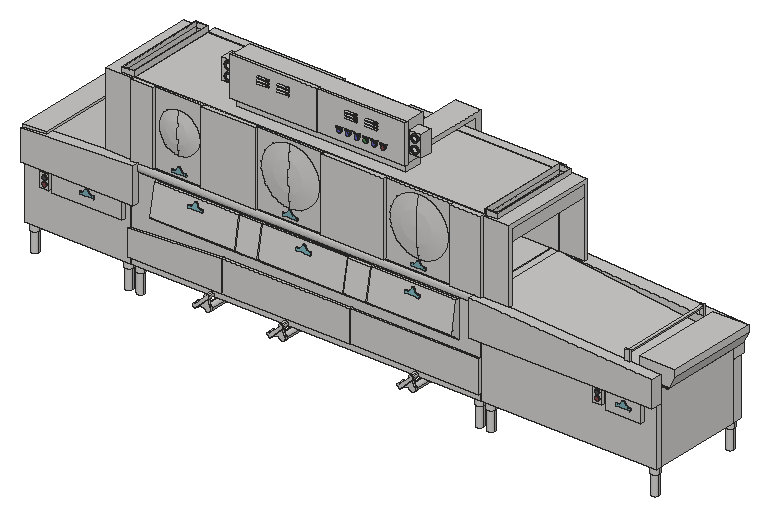
Revit family (continued)
Dimensions and locks (in)
  aligned and locked: Extrusion 3 sketch curve to plane 22 "Front of Main Body"
  aligned and locked: Extrusion 3 sketch curve to plane 26
  aligned and locked: plane 32 "Front of Inside" to Extrusion 3 sketch curve
  aligned and locked: Extrusion 3 to plane 13 "Middle of Machine"
  aligned and locked: plane 32 "Front of Inside" to Extrusion 4 sketch curve
  aligned and locked: Extrusion 4 sketch curve to plane 28
  aligned and locked: plane 27 to Extrusion 4 sketch curve
  aligned and locked: Extrusion 4 sketch curve to plane 22 "Front of Main Body"
  aligned and locked: Extrusion 4 to plane 13 "Middle of Machine"
  aligned and locked: plane 32 "Front of Inside" to Extrusion 5 sketch curve
  aligned and locked: Extrusion 5 sketch curve to plane 22 "Front of Main Body"
  aligned and locked: Extrusion 5 sketch curve to plane 30
  aligned and locked: plane 29 to Extrusion 5 sketch curve
  aligned and locked: Extrusion 6 sketch curve to plane 4 "RIGHT"
  aligned and locked: plane 31 to Extrusion 6 sketch curve
  aligned and locked: plane 32 "Front of Inside" to Extrusion 6 sketch curve
  aligned and locked: Extrusion 6 sketch curve to plane 22 "Front of Main Body"
  aligned and locked: Extrusion 5 to plane 13 "Middle of Machine"
  aligned and locked: Extrusion 6 to plane 13 "Middle of Machine"
  aligned and locked: plane 3 "LEFT" to Extrusion 7 sketch curve
  aligned and locked: Extrusion 7 sketch curve to plane 34
  aligned and locked: plane 21 "Back of Main Body" to Extrusion 7 sketch curve
  aligned and locked: Extrusion 7 sketch curve to plane 33 "Back of Inside"
  aligned and locked: Extrusion 8 sketch curve to plane 4 "RIGHT"
  aligned and locked: plane 21 "Back of Main Body" to Extrusion 8 sketch curve
  aligned and locked: Extrusion 8 sketch curve to plane 33 "Back of Inside"
  aligned and locked: plane 35 to Extrusion 8 sketch curve
  aligned and locked: Extrusion 7 to plane 13 "Middle of Machine"
  aligned and locked: Extrusion 8 to plane 13 "Middle of Machine"
  aligned and locked: plane 32 "Front of Inside" to Extrusion 9 sketch curve
  aligned and locked: Extrusion 9 sketch curve to plane 27
  aligned and locked: plane 26 to Extrusion 9 sketch curve
  aligned and locked: plane 32 "Front of Inside" to Extrusion 10 sketch curve
  aligned and locked: plane 28 to Extrusion 10 sketch curve
  aligned and locked: Extrusion 10 sketch curve to plane 29
  aligned and locked: plane 32 "Front of Inside" to Extrusion 11 sketch curve
  aligned and locked: plane 30 to Extrusion 11 sketch curve
  aligned and locked: Extrusion 11 sketch curve to plane 31
  aligned and locked: Extrusion 9 to plane 13 "Middle of Machine"
  aligned and locked: Extrusion 10 to plane 13 "Middle of Machine"
  aligned and locked: Extrusion 11 to plane 13 "Middle of Machine"
  aligned and locked: plane 34 to Extrusion 12 sketch curve
  aligned and locked: Extrusion 12 sketch curve to plane 35
  aligned and locked: Extrusion 12 sketch curve to plane 33 "Back of Inside"
  aligned and locked: Extrusion 12 to plane 13 "Middle of Machine"
  aligned and locked: plane 37 to Extrusion 19
  aligned and locked: Extrusion 19 to plane 36
  aligned and locked: Extrusion 20 to plane 42
  aligned and locked: plane 43 to Extrusion 20
  aligned and locked: Extrusion 21 to plane 38
  aligned and locked: plane 39 to Extrusion 21
  aligned and locked: Extrusion 22 to plane 44
  aligned and locked: plane 45 to Extrusion 22
  aligned and locked: Extrusion 23 to plane 40
  aligned and locked: plane 41 to Extrusion 23
  aligned and locked: plane 3 "LEFT" to Extrusion 24 sketch curve
  aligned and locked: plane 20 to Extrusion 24 sketch curve
  aligned and locked: Extrusion 24 sketch curve to plane 46
  aligned and locked: Extrusion 25 sketch curve to plane 48
  aligned and locked: Extrusion 25 sketch curve to plane 19
  aligned and locked: plane 47 to Extrusion 25 sketch curve
  aligned and locked: plane 20 to Extrusion 25 sketch curve
  aligned and locked: Extrusion 26 sketch curve to plane 4 "RIGHT"
  aligned and locked: Extrusion 26 sketch curve to plane 19
  aligned and locked: plane 20 to Extrusion 26 sketch curve
  aligned and locked: plane 49 to Extrusion 26 sketch curve
  aligned and locked: plane 33 "Back of Inside" to Extrusion 27 sketch curve
  aligned and locked: plane 3 "LEFT" to Extrusion 27 sketch curve
  aligned and locked: Extrusion 27 sketch curve to plane 32 "Front of Inside"
  aligned and locked: Extrusion 27 sketch curve to plane 4 "RIGHT"
  aligned and locked: Extrusion 27 to plane 50
  aligned and locked: plane 13 "Middle of Machine" to Extrusion 28 sketch curve  (x2)
  aligned and locked: Extrusion 28 sketch curve to plane 10 "Top of Machine"
  aligned and locked: Extrusion 28 to plane 8 "Load Vent"
  aligned and locked: plane 53 to Extrusion 29 sketch curve
  aligned and locked: Extrusion 29 sketch curve to plane 52
  aligned and locked: plane 51 to Extrusion 29
  aligned and locked: Extrusion 30 sketch curve to Extrusion 28
  aligned and locked: Extrusion 30 sketch curve to plane 50
  aligned and locked: Extrusion 31 sketch curve to Extrusion 29
  aligned and locked: Extrusion 29 to Extrusion 31 sketch curve
  aligned and locked: Extrusion 32 to Extrusion 34 sketch curve
  aligned and locked: plane 9 "Unload Vent" to Extrusion 32
  aligned and locked: plane 54 to Extrusion 33 sketch curve
  aligned and locked: Extrusion 33 sketch curve to plane 55
  aligned and locked: plane 51 to Extrusion 33
  aligned and locked: plane 50 to Extrusion 34 sketch curve
  aligned and locked: Extrusion 33 to Extrusion 35 sketch curve
  aligned and locked: Extrusion 35 sketch curve to Extrusion 33
  aligned and locked: plane 15 "Right of Bottom" to Extrusion 2
  aligned and locked: plane 56 to Extrusion 45 sketch curve
  aligned and locked: Extrusion 45 sketch curve to plane 14 "Left of Bottom"
  aligned and locked: plane 56 to Extrusion 46 sketch curve
  aligned and locked: Extrusion 46 sketch curve to plane 14 "Left of Bottom"
  aligned and locked: Extrusion 47 sketch curve to plane 57
  aligned and locked: plane 11 "Table Height" to Extrusion 47 sketch curve
  aligned and locked: plane 56 to Extrusion 47 sketch curve
  aligned and locked: plane 32 "Front of Inside" to Extrusion 47
  aligned and locked: Extrusion 48 sketch curve to plane 58
  aligned and locked: plane 56 to Extrusion 48 sketch curve
  aligned and locked: Extrusion 49 sketch curve to plane 58
  aligned and locked: plane 56 to Extrusion 49 sketch curve
  aligned and locked: plane 56 to Extrusion 50 sketch curve
  aligned and locked: Extrusion 50 sketch curve to plane 14 "Left of Bottom"
  aligned and locked: Extrusion 50 sketch curve to plane 13 "Middle of Machine"
  aligned and locked: Extrusion 50 sketch curve to plane 12 "Bottom of Machine"
  aligned and locked: plane 3 "LEFT" to Extrusion 50 sketch curve
  aligned and locked: plane 56 to Extrusion 51 sketch curve
  aligned and locked: plane 59 to Extrusion 51 sketch curve
  aligned and locked: plane 56 to Extrusion 52 sketch curve
  aligned and locked: plane 12 "Bottom of Machine" to Extrusion 52 sketch curve
  aligned and locked: Extrusion 52 sketch curve to plane 3 "LEFT"
  aligned and locked: plane 22 "Front of Main Body" to Extrusion 52
  aligned and locked: plane 32 "Front of Inside" to Extrusion 50
  aligned and locked: plane 56 to Extrusion 53 sketch curve
  aligned and locked: plane 12 "Bottom of Machine" to Extrusion 53 sketch curve
  aligned and locked: Extrusion 53 sketch curve to plane 3 "LEFT"
  aligned and locked: Extrusion 53 to plane 21 "Back of Main Body"
  aligned and locked: plane 60 to Extrusion 45 sketch curve
  aligned and locked: plane 60 to Extrusion 46 sketch curve
  aligned and locked: Extrusion 52 sketch curve to plane 60
  aligned and locked: Extrusion 53 sketch curve to plane 60
  aligned and locked: Extrusion 54 to plane 22 "Front of Main Body"
  aligned and locked: plane 66 to Extrusion 56 sketch curve
  aligned and locked: Extrusion 56 sketch curve to plane 65
  aligned and locked: Extrusion 54 to plane 63
  aligned and locked: plane 64 to Extrusion 54
  aligned and locked: plane 13 "Middle of Machine" to Extrusion 63 sketch curve
  aligned and locked: Extrusion 63 sketch curve to plane 15 "Right of Bottom"
  aligned and locked: Extrusion 63 sketch curve to plane 60
  aligned and locked: plane 4 "RIGHT" to Extrusion 63 sketch curve
  aligned and locked: plane 12 "Bottom of Machine" to Extrusion 63 sketch curve
  aligned and locked: plane 67 to Extrusion 63 sketch curve
  aligned and locked: plane 67 to Extrusion 62 sketch curve
  aligned and locked: Extrusion 62 sketch curve to plane 68
  aligned and locked: Extrusion 61 sketch curve to plane 69
  aligned and locked: plane 67 to Extrusion 61 sketch curve
  aligned and locked: Extrusion 61 sketch curve to plane 11 "Table Height"
  aligned and locked: Extrusion 59 sketch curve to plane 15 "Right of Bottom"
  aligned and locked: Extrusion 59 sketch curve to plane 60
  aligned and locked: plane 67 to Extrusion 59 sketch curve
  aligned and locked: Extrusion 60 sketch curve to plane 15 "Right of Bottom"
  aligned and locked: Extrusion 60 sketch curve to plane 60
  aligned and locked: plane 67 to Extrusion 60 sketch curve
  aligned and locked: Extrusion 64 sketch curve to plane 4 "RIGHT"
  aligned and locked: plane 60 to Extrusion 64 sketch curve
  aligned and locked: Extrusion 64 sketch curve to plane 12 "Bottom of Machine"
  aligned and locked: plane 67 to Extrusion 64 sketch curve
  aligned and locked: Extrusion 65 sketch curve to plane 4 "RIGHT"
  aligned and locked: plane 60 to Extrusion 65 sketch curve
  aligned and locked: plane 67 to Extrusion 65 sketch curve
  aligned and locked: Extrusion 65 sketch curve to plane 12 "Bottom of Machine"
  aligned and locked: plane 13 "Middle of Machine" to Extrusion 66 sketch curve
  aligned and locked: Extrusion 66 sketch curve to plane 71
  aligned and locked: Extrusion 66 sketch curve to plane 70
  aligned and locked: plane 32 "Front of Inside" to Extrusion 66
  aligned and locked: plane 32 "Front of Inside" to Extrusion 69
  aligned and locked: Extrusion 70 sketch curve to plane 61
  aligned and locked: plane 62 to Extrusion 70 sketch curve
  aligned and locked: plane 74 to Extrusion 70 sketch curve
  aligned and locked: Extrusion 70 sketch curve to plane 73
  aligned and locked: plane 76 to Extrusion 72 sketch curve
  aligned and locked: Extrusion 72 sketch curve to plane 75
  aligned and locked: Extrusion 72 sketch curve to plane 61
  aligned and locked: Extrusion 76 to Extrusion 75
  aligned and locked: plane 12 "Bottom of Machine" to Extrusion 76
  aligned and locked: Extrusion 78 to Extrusion 77
  aligned and locked: Extrusion 80 to Extrusion 79
  aligned and locked: Extrusion 82 to Extrusion 81
  aligned and locked: Extrusion 83 to Extrusion 84
  aligned and locked: Extrusion 85 to Extrusion 86
  aligned and locked: Extrusion 88 to Extrusion 87
  aligned and locked: Extrusion 90 to Extrusion 89
  aligned and locked: Extrusion 91 to Extrusion 92
  aligned and locked: Extrusion 93 to Extrusion 94
  aligned and locked: Extrusion 96 to Extrusion 95
  aligned and locked: Extrusion 98 to Extrusion 97
  aligned and locked: plane 78 to Extrusion 99 sketch curve
  aligned and locked: Extrusion 99 sketch curve to plane 77
  aligned and locked: Extrusion 99 sketch curve to plane 80
  aligned and locked: plane 79 to Extrusion 99 sketch curve
  aligned and locked: plane 92 "Back of Elec Box" to Extrusion 100 sketch curve
  aligned and locked: Extrusion 100 sketch curve to plane 93
  aligned and locked: plane 97 to Extrusion 100 sketch curve
  aligned and locked: Extrusion 100 sketch curve to plane 98 "RIght of Control Box"
  aligned and locked: Extrusion 100 to plane 81
  aligned and locked: plane 96 to Extrusion 100
  aligned and locked: plane 88 to Extrusion 101 sketch curve
  aligned and locked: Extrusion 101 sketch curve to plane 94 "Front of Panel"
  aligned and locked: Extrusion 101 sketch curve to plane 86
  aligned and locked: plane 87 to Extrusion 102 sketch curve
  aligned and locked: Extrusion 102 sketch curve to plane 94 "Front of Panel"
  aligned and locked: plane 93 to Extrusion 102 sketch curve
  aligned and locked: Extrusion 102 sketch curve to plane 89
  aligned and locked: Extrusion 102 to plane 95
  aligned and locked: Extrusion 101 to plane 95
  aligned and locked: plane 84 to Extrusion 101
  aligned and locked: plane 84 to Extrusion 102
  aligned and locked: plane 100 to Extrusion 103 sketch curve
  aligned and locked: Extrusion 103 sketch curve to plane 97
  aligned and locked: Extrusion 103 sketch curve to plane 99 "Front of LR Panels"
  aligned and locked: plane 91 to Extrusion 103 sketch curve
  aligned and locked: plane 98 "RIght of Control Box" to Extrusion 104 sketch curve
  aligned and locked: Extrusion 104 sketch curve to plane 99 "Front of LR Panels"
  aligned and locked: Extrusion 104 sketch curve to plane 90
  aligned and locked: plane 100 to Extrusion 104 sketch curve
  aligned and locked: plane 83 to Extrusion 103
  aligned and locked: plane 83 to Extrusion 104
  aligned and locked: Extrusion 103 to plane 82
  aligned and locked: Extrusion 104 to plane 82
  aligned and locked: Extrusion 106 sketch curve to Extrusion 105  (x2)
  aligned and locked: Extrusion 114 sketch curve to Extrusion 113  (x2)
  aligned and locked: Extrusion 116 sketch curve to Extrusion 115  (x2)
  aligned and locked: Extrusion 118 sketch curve to Extrusion 117  (x2)
  aligned and locked: Extrusion 133 to plane 102 "Left Drain"
  aligned and locked: plane 103 "Right Drain" to Extrusion 133
  aligned and locked: Extrusion 134 sketch curve to Extrusion 133  (x2)
  aligned and locked: Extrusion 135 sketch curve to Extrusion 133  (x2)
  aligned and locked: plane 55 to nested 1
  aligned and locked: plane 33 "Back of Inside" to nested 1
  aligned and locked: Extrusion 149 sketch curve to Extrusion 148  (x2)
  aligned and locked: Extrusion 157 sketch curve to Extrusion 156  (x2)
  aligned and locked: Extrusion 159 sketch curve to Extrusion 158  (x2)
  aligned and locked: Extrusion 161 sketch curve to Extrusion 160  (x2)
  aligned and locked: plane 110 to Extrusion 185 sketch curve
  aligned and locked: Extrusion 185 sketch curve to plane 111
  aligned and locked: Extrusion 185 sketch curve to plane 22 "Front of Main Body"
  aligned and locked: plane 113 to Extrusion 186 sketch curve
  aligned and locked: Extrusion 186 sketch curve to plane 114
  aligned and locked: Extrusion 186 sketch curve to plane 22 "Front of Main Body"
  aligned and locked: plane 115 to Extrusion 187 sketch curve
  aligned and locked: Extrusion 187 sketch curve to plane 116
  aligned and locked: Extrusion 187 sketch curve to plane 22 "Front of Main Body"
  aligned and locked: plane 119 to Extrusion 188 sketch curve
  aligned and locked: Extrusion 188 sketch curve to plane 120
  aligned and locked: Extrusion 188 sketch curve to plane 22 "Front of Main Body"
  aligned and locked: plane 121 to Extrusion 189 sketch curve
  aligned and locked: Extrusion 189 sketch curve to plane 122
  aligned and locked: Extrusion 189 sketch curve to plane 22 "Front of Main Body"
  aligned and locked: Extrusion 185 to plane 13 "Middle of Machine"
  aligned and locked: Extrusion 186 to plane 13 "Middle of Machine"
  aligned and locked: Extrusion 187 to plane 13 "Middle of Machine"
  aligned and locked: Extrusion 188 to plane 13 "Middle of Machine"
  aligned and locked: Extrusion 189 to plane 13 "Middle of Machine"
  aligned and locked: plane 26 to curve 87
  aligned and locked: curve 89 to plane 28
  aligned and locked: curve 97 to plane 29
  aligned and locked: plane 30 to curve 105
  aligned and locked: plane 31 to curve 107
  aligned and locked: plane 26 to Extrusion 205 sketch curve
  aligned and locked: Extrusion 205 sketch curve to plane 27
  aligned and locked: Extrusion 205 sketch curve to plane 22 "Front of Main Body"
  aligned and locked: plane 28 to Extrusion 206 sketch curve
  aligned and locked: Extrusion 206 sketch curve to plane 29
  aligned and locked: Extrusion 206 sketch curve to plane 22 "Front of Main Body"
  aligned and locked: Extrusion 207 sketch curve to plane 22 "Front of Main Body"
  aligned and locked: plane 30 to Extrusion 207 sketch curve
  aligned and locked: Extrusion 207 sketch curve to plane 31
Automatic sketch dimensions
  Extrusion 19 sketch curve to Extrusion 19 sketch curve = 0' - 1"
  Extrusion 20 sketch curve to Extrusion 20 sketch curve = 0' - 1"
  Extrusion 21 sketch curve to Extrusion 21 sketch curve = 0' - 1"
  Extrusion 22 sketch curve to Extrusion 22 sketch curve = 0' - 1"
  Extrusion 23 sketch curve to Extrusion 23 sketch curve = 0' - 1"
  Extrusion 19 sketch curve to Extrusion 19 sketch curve = 0' - 2"
  Extrusion 19 sketch curve to Extrusion 19 sketch curve = 0' - 2 5/16"
  Extrusion 19 sketch curve to Extrusion 19 sketch curve = 0' - 10 1/4"
  Extrusion 20 sketch curve to Extrusion 20 sketch curve = 0' - 2"
  Extrusion 20 sketch curve to Extrusion 20 sketch curve = 0' - 2 5/16"
  Extrusion 20 sketch curve to Extrusion 20 sketch curve = 0' - 10 1/4"
  Extrusion 21 sketch curve to Extrusion 21 sketch curve = 0' - 2"
  Extrusion 21 sketch curve to Extrusion 21 sketch curve = 0' - 2 5/16"
  Extrusion 21 sketch curve to Extrusion 21 sketch curve = 0' - 10 1/4"
  Extrusion 22 sketch curve to Extrusion 22 sketch curve = 0' - 2"
  Extrusion 22 sketch curve to Extrusion 22 sketch curve = 0' - 2 5/16"
  Extrusion 22 sketch curve to Extrusion 22 sketch curve = 0' - 10 1/4"
  Extrusion 23 sketch curve to Extrusion 23 sketch curve = 0' - 2"
  Extrusion 23 sketch curve to Extrusion 23 sketch curve = 0' - 2 5/16"
  Extrusion 23 sketch curve to Extrusion 23 sketch curve = 0' - 10 1/4"
  Extrusion 39 sketch curve to Extrusion 39 sketch curve = 0' - 1"
  Extrusion 40 sketch curve to Extrusion 40 sketch curve = 0' - 1"
  Extrusion 41 sketch curve to Extrusion 41 sketch curve = 0' - 1"
  Extrusion 42 sketch curve to Extrusion 42 sketch curve = 0' - 1"
  Extrusion 43 sketch curve to Extrusion 43 sketch curve = 0' - 1"
  Extrusion 39 sketch curve to Extrusion 39 sketch curve = 0' - 2"
  Extrusion 39 sketch curve to Extrusion 39 sketch curve = 0' - 2 5/16"
  Extrusion 39 sketch curve to Extrusion 39 sketch curve = 0' - 10 1/4"
  Extrusion 40 sketch curve to Extrusion 40 sketch curve = 0' - 2"
  Extrusion 40 sketch curve to Extrusion 40 sketch curve = 0' - 2 5/16"
  Extrusion 40 sketch curve to Extrusion 40 sketch curve = 0' - 10 1/4"
  Extrusion 41 sketch curve to Extrusion 41 sketch curve = 0' - 2"
  Extrusion 41 sketch curve to Extrusion 41 sketch curve = 0' - 2 5/16"
  Extrusion 41 sketch curve to Extrusion 41 sketch curve = 0' - 10 1/4"
  Extrusion 42 sketch curve to Extrusion 42 sketch curve = 0' - 2"
  Extrusion 42 sketch curve to Extrusion 42 sketch curve = 0' - 2 5/16"
  Extrusion 42 sketch curve to Extrusion 42 sketch curve = 0' - 10 1/4"
  Extrusion 43 sketch curve to Extrusion 43 sketch curve = 0' - 2"
  Extrusion 43 sketch curve to Extrusion 43 sketch curve = 0' - 2 5/16"
  Extrusion 43 sketch curve to Extrusion 43 sketch curve = 0' - 10 1/4"
  Extrusion 38 sketch curve to Extrusion 38 sketch curve = 0' - 0.25142"  (x6)
  Extrusion 38 sketch curve to Extrusion 38 sketch curve = 0' - 0.25483"  (x3)
  Extrusion 38 sketch curve to Extrusion 38 sketch curve = 0' - 0.30345"  (x3)
  Extrusion 38 sketch curve to Extrusion 38 sketch curve = 0' - 1.63184"  (x6)
  Extrusion 38 sketch curve to Extrusion 38 sketch curve = 0' - 1.52338"  (x3)
  Extrusion 38 sketch curve to Extrusion 38 sketch curve = 0' - 0.41934"  (x3)
  Extrusion 38 sketch curve to Extrusion 38 sketch curve = 0' - 0.61126"  (x3)
  Extrusion 38 sketch curve to Extrusion 38 sketch curve = 0' - 0.42496"  (x3)
  Extrusion 38 sketch curve to Extrusion 38 sketch curve = 0' - 0"  (x8)
  Extrusion 38 sketch curve to Extrusion 38 sketch curve = 0' - 1.22253"  (x3)
  Extrusion 38 sketch curve to Extrusion 38 sketch curve = 0' - 1.51845"  (x3)
  Extrusion 38 sketch curve to Extrusion 38 sketch curve = 0' - 0.00341"  (x3)
  Extrusion 38 sketch curve to Extrusion 38 sketch curve = 2' - 8.25414"
  Extrusion 38 sketch curve to Extrusion 38 sketch curve = 2' - 8.00414"
  Extrusion 38 sketch curve to Extrusion 38 sketch curve = 0' - 11.90119"  (x3)
  Extrusion 38 sketch curve to Extrusion 38 sketch curve = 0' - 0.08323"  (x3)
  Extrusion 38 sketch curve to Extrusion 38 sketch curve = 0' - 0.48493"  (x6)
  Extrusion 38 sketch curve to Extrusion 38 sketch curve = 0' - 1.96861"  (x3)
  Extrusion 44 sketch curve to Extrusion 44 sketch curve = 0' - 0.25142"  (x6)
  Extrusion 44 sketch curve to Extrusion 44 sketch curve = 0' - 0.25483"  (x3)
  Extrusion 44 sketch curve to Extrusion 44 sketch curve = 0' - 0.30345"  (x3)
  Extrusion 44 sketch curve to Extrusion 44 sketch curve = 0' - 1.63184"  (x6)
  Extrusion 44 sketch curve to Extrusion 44 sketch curve = 0' - 1.52338"  (x3)
  Extrusion 44 sketch curve to Extrusion 44 sketch curve = 0' - 0.41934"  (x3)
  Extrusion 44 sketch curve to Extrusion 44 sketch curve = 0' - 0.61126"  (x3)
  Extrusion 44 sketch curve to Extrusion 44 sketch curve = 0' - 0.42496"  (x3)
  Extrusion 44 sketch curve to Extrusion 44 sketch curve = 0' - 0"  (x8)
  Extrusion 44 sketch curve to Extrusion 44 sketch curve = 0' - 1.22253"  (x3)
  Extrusion 44 sketch curve to Extrusion 44 sketch curve = 0' - 1.51845"  (x3)
  Extrusion 44 sketch curve to Extrusion 44 sketch curve = 0' - 0.00341"  (x3)
  Extrusion 44 sketch curve to Extrusion 44 sketch curve = 2' - 8.25414"
  Extrusion 44 sketch curve to Extrusion 44 sketch curve = 2' - 8.00414"
  Extrusion 44 sketch curve to Extrusion 44 sketch curve = 0' - 11.90119"  (x3)
  Extrusion 44 sketch curve to Extrusion 44 sketch curve = 0' - 0.08323"  (x3)
  Extrusion 44 sketch curve to Extrusion 44 sketch curve = 0' - 0.48493"  (x6)
  Extrusion 44 sketch curve to Extrusion 44 sketch curve = 0' - 1.96861"  (x3)
  Extrusion 105 sketch curve to Extrusion 105 sketch curve = 0' - 0"  (x4)
  Extrusion 107 sketch curve to Extrusion 107 sketch curve = 0' - 1"  (x5)
  Extrusion 107 sketch curve to Extrusion 107 sketch curve = 0' - 2"  (x6)
  Extrusion 107 sketch curve to Extrusion 107 sketch curve = 0' - 0"  (x5)
  Extrusion 107 sketch curve to Extrusion 107 sketch curve = 0' - 0 1/4"  (x6)
  Extrusion 112 sketch curve to Extrusion 112 sketch curve = 0' - 1 1/2"  (x5)
  Extrusion 112 sketch curve to Extrusion 112 sketch curve = 0' - 0 3/4"  (x6)
  Extrusion 112 sketch curve to Extrusion 112 sketch curve = 0' - 0 7/8"  (x6)
  Extrusion 113 sketch curve to Extrusion 113 sketch curve = 0' - 0"  (x4)
  Extrusion 115 sketch curve to Extrusion 115 sketch curve = 0' - 0"  (x4)
  Extrusion 117 sketch curve to Extrusion 117 sketch curve = 0' - 0"  (x4)
  Extrusion 121 sketch curve to Extrusion 121 sketch curve = 0' - 0 5/8"
  Extrusion 122 sketch curve to Extrusion 122 sketch curve = 0' - 0 5/8"
  Extrusion 123 sketch curve to Extrusion 123 sketch curve = 0' - 0 5/8"
  Extrusion 124 sketch curve to Extrusion 124 sketch curve = 0' - 0 5/8"
  Extrusion 125 sketch curve to Extrusion 125 sketch curve = 0' - 0 5/8"
  Extrusion 126 sketch curve to Extrusion 126 sketch curve = 0' - 0 5/8"
  Extrusion 127 sketch curve to Extrusion 127 sketch curve = 0' - 0 5/8"
  Extrusion 128 sketch curve to Extrusion 128 sketch curve = 0' - 0 5/8"
  Extrusion 129 sketch curve to Extrusion 129 sketch curve = 0' - 0 5/8"
  Extrusion 130 sketch curve to Extrusion 130 sketch curve = 0' - 0 5/8"
  Extrusion 131 sketch curve to Extrusion 131 sketch curve = 0' - 0 5/8"
  Extrusion 132 sketch curve to Extrusion 132 sketch curve = 0' - 0 5/8"
  Extrusion 139 sketch curve to Extrusion 139 sketch curve = 0' - 0"  (x4)
  Extrusion 140 sketch curve to Extrusion 140 sketch curve = 0' - 0"  (x4)
  Extrusion 141 sketch curve to Extrusion 141 sketch curve = 0' - 1 5/8"  (x2)
  Extrusion 141 sketch curve to Extrusion 141 sketch curve = 0' - 1 1/8"
  Extrusion 142 sketch curve to Extrusion 142 sketch curve = 0' - 0 1/2"  (x7)
  Extrusion 142 sketch curve to Extrusion 142 sketch curve = 0' - 0 1/4"  (x4)
  Extrusion 142 sketch curve to Extrusion 142 sketch curve = 0' - 4 1/2"
  Extrusion 143 sketch curve to Extrusion 143 sketch curve = 0' - 1 5/8"  (x2)
  Extrusion 143 sketch curve to Extrusion 143 sketch curve = 0' - 1 1/8"
  Extrusion 144 sketch curve to Extrusion 144 sketch curve = 0' - 0"  (x4)
  Extrusion 145 sketch curve to Extrusion 145 sketch curve = 0' - 0 1/2"  (x7)
  Extrusion 145 sketch curve to Extrusion 145 sketch curve = 0' - 0 1/4"  (x4)
  Extrusion 145 sketch curve to Extrusion 145 sketch curve = 0' - 4 1/2"
  Extrusion 146 sketch curve to Extrusion 146 sketch curve = 0' - 1 5/8"  (x2)
  Extrusion 146 sketch curve to Extrusion 146 sketch curve = 0' - 1 1/8"
  Extrusion 147 sketch curve to Extrusion 147 sketch curve = 0' - 0 1/2"  (x9)
  Extrusion 147 sketch curve to Extrusion 147 sketch curve = 0' - 0 1/4"  (x2)
  Extrusion 147 sketch curve to Extrusion 147 sketch curve = 0' - 4 1/2"
  Extrusion 112 sketch curve to Extrusion 112 sketch curve = 0' - 0"  (x5)
  Extrusion 121 sketch curve to Extrusion 121 sketch curve = 0' - 2 3/4"
  Extrusion 122 sketch curve to Extrusion 122 sketch curve = 0' - 2 3/4"
  Extrusion 123 sketch curve to Extrusion 123 sketch curve = 0' - 2 3/4"
  Extrusion 124 sketch curve to Extrusion 124 sketch curve = 0' - 2 3/4"
  Extrusion 125 sketch curve to Extrusion 125 sketch curve = 0' - 2 3/4"
  Extrusion 126 sketch curve to Extrusion 126 sketch curve = 0' - 2 3/4"
  Extrusion 127 sketch curve to Extrusion 127 sketch curve = 0' - 2 3/4"
  Extrusion 128 sketch curve to Extrusion 128 sketch curve = 0' - 2 3/4"
  Extrusion 129 sketch curve to Extrusion 129 sketch curve = 0' - 2 3/4"
  Extrusion 130 sketch curve to Extrusion 130 sketch curve = 0' - 2 3/4"
  Extrusion 131 sketch curve to Extrusion 131 sketch curve = 0' - 2 3/4"
  Extrusion 132 sketch curve to Extrusion 132 sketch curve = 0' - 2 3/4"
  Extrusion 148 sketch curve to Extrusion 148 sketch curve = 0' - 0"  (x4)
  Extrusion 150 sketch curve to Extrusion 150 sketch curve = 0' - 1"  (x5)
  Extrusion 150 sketch curve to Extrusion 150 sketch curve = 0' - 2"  (x6)
  Extrusion 150 sketch curve to Extrusion 150 sketch curve = 0' - 0"  (x5)
  Extrusion 150 sketch curve to Extrusion 150 sketch curve = 0' - 0 1/4"  (x6)
  Extrusion 155 sketch curve to Extrusion 155 sketch curve = 0' - 1 1/2"  (x5)
  Extrusion 155 sketch curve to Extrusion 155 sketch curve = 0' - 0 3/4"  (x6)
  Extrusion 155 sketch curve to Extrusion 155 sketch curve = 0' - 0 7/8"  (x6)
  Extrusion 156 sketch curve to Extrusion 156 sketch curve = 0' - 0"  (x4)
  Extrusion 158 sketch curve to Extrusion 158 sketch curve = 0' - 0"  (x4)
  Extrusion 160 sketch curve to Extrusion 160 sketch curve = 0' - 0"  (x4)
  Extrusion 164 sketch curve to Extrusion 164 sketch curve = 0' - 0 5/8"
  Extrusion 165 sketch curve to Extrusion 165 sketch curve = 0' - 0 5/8"
  Extrusion 166 sketch curve to Extrusion 166 sketch curve = 0' - 0 5/8"
  Extrusion 167 sketch curve to Extrusion 167 sketch curve = 0' - 0 5/8"
  Extrusion 168 sketch curve to Extrusion 168 sketch curve = 0' - 0 5/8"
  Extrusion 169 sketch curve to Extrusion 169 sketch curve = 0' - 0 5/8"
  Extrusion 170 sketch curve to Extrusion 170 sketch curve = 0' - 0 5/8"
  Extrusion 171 sketch curve to Extrusion 171 sketch curve = 0' - 0 5/8"
  Extrusion 172 sketch curve to Extrusion 172 sketch curve = 0' - 0 5/8"
  Extrusion 173 sketch curve to Extrusion 173 sketch curve = 0' - 0 5/8"
  Extrusion 174 sketch curve to Extrusion 174 sketch curve = 0' - 0 5/8"
  Extrusion 175 sketch curve to Extrusion 175 sketch curve = 0' - 0 5/8"
  Extrusion 155 sketch curve to Extrusion 155 sketch curve = 0' - 0"  (x5)
  Extrusion 164 sketch curve to Extrusion 164 sketch curve = 0' - 2 3/4"
  Extrusion 165 sketch curve to Extrusion 165 sketch curve = 0' - 2 3/4"
  Extrusion 166 sketch curve to Extrusion 166 sketch curve = 0' - 2 3/4"
  Extrusion 167 sketch curve to Extrusion 167 sketch curve = 0' - 2 3/4"
  Extrusion 168 sketch curve to Extrusion 168 sketch curve = 0' - 2 3/4"
  Extrusion 169 sketch curve to Extrusion 169 sketch curve = 0' - 2 3/4"
  Extrusion 170 sketch curve to Extrusion 170 sketch curve = 0' - 2 3/4"
  Extrusion 171 sketch curve to Extrusion 171 sketch curve = 0' - 2 3/4"
  Extrusion 172 sketch curve to Extrusion 172 sketch curve = 0' - 2 3/4"
  Extrusion 173 sketch curve to Extrusion 173 sketch curve = 0' - 2 3/4"
  Extrusion 174 sketch curve to Extrusion 174 sketch curve = 0' - 2 3/4"
  Extrusion 175 sketch curve to Extrusion 175 sketch curve = 0' - 2 3/4"
  Extrusion 141 sketch curve to Extrusion 141 sketch curve = 0' - 0.12054"
  Extrusion 143 sketch curve to Extrusion 143 sketch curve = 0' - 0.12054"
  Extrusion 146 sketch curve to Extrusion 146 sketch curve = 0' - 0.12054"
  Extrusion 176 sketch curve to Extrusion 176 sketch curve = 0' - 0"  (x4)
  Extrusion 177 sketch curve to Extrusion 177 sketch curve = 0' - 0"  (x4)
  Extrusion 178 sketch curve to Extrusion 178 sketch curve = 0' - 1 5/8"  (x2)
  Extrusion 178 sketch curve to Extrusion 178 sketch curve = 0' - 1 1/8"
  Extrusion 179 sketch curve to Extrusion 179 sketch curve = 0' - 0 1/2"  (x7)
  Extrusion 179 sketch curve to Extrusion 179 sketch curve = 0' - 0 1/4"  (x4)
  Extrusion 179 sketch curve to Extrusion 179 sketch curve = 0' - 4 1/2"
  Extrusion 180 sketch curve to Extrusion 180 sketch curve = 0' - 1 5/8"  (x2)
  Extrusion 180 sketch curve to Extrusion 180 sketch curve = 0' - 1 1/8"
  Extrusion 181 sketch curve to Extrusion 181 sketch curve = 0' - 0"  (x4)
  Extrusion 182 sketch curve to Extrusion 182 sketch curve = 0' - 0 1/2"  (x7)
  Extrusion 182 sketch curve to Extrusion 182 sketch curve = 0' - 0 1/4"  (x4)
  Extrusion 182 sketch curve to Extrusion 182 sketch curve = 0' - 4 1/2"
  Extrusion 183 sketch curve to Extrusion 183 sketch curve = 0' - 1 5/8"  (x2)
  Extrusion 183 sketch curve to Extrusion 183 sketch curve = 0' - 1 1/8"
  Extrusion 184 sketch curve to Extrusion 184 sketch curve = 0' - 0 1/2"  (x9)
  Extrusion 184 sketch curve to Extrusion 184 sketch curve = 0' - 0 1/4"  (x2)
  Extrusion 184 sketch curve to Extrusion 184 sketch curve = 0' - 4 1/2"
  Extrusion 178 sketch curve to Extrusion 178 sketch curve = 0' - 0.12054"
  Extrusion 180 sketch curve to Extrusion 180 sketch curve = 0' - 0.12054"
  Extrusion 183 sketch curve to Extrusion 183 sketch curve = 0' - 0.12054"
  Extrusion 1 sketch curve to plane 60 = 0' - 0"  (x2)
  Extrusion 2 sketch curve to plane 22 "Front of Main Body" = 0' - 0"  (x2)
  plane 32 "Front of Inside" to Extrusion 2 sketch curve = 0' - 0.18875"
  Extrusion 9 sketch curve to plane 22 "Front of Main Body" = 0' - 0 3/4"
  Extrusion 10 sketch curve to plane 22 "Front of Main Body" = 0' - 0 3/4"
  Extrusion 11 sketch curve to plane 22 "Front of Main Body" = 0' - 0 3/4"
  plane 21 "Back of Main Body" to Extrusion 12 sketch curve = 0' - 1"
  plane 5 "FRONT" to Revolve 13 sketch curve = 0' - 8"
  plane 22 "Front of Main Body" to Revolve 13 sketch curve = 0' - 0 1/4"
  Revolve 13 sketch curve to plane 22 "Front of Main Body" = 0' - 0 3/4"
  plane 100 to Revolve 13 sketch curve = 0' - 1 1/4"
  Revolve 13 sketch curve to plane 1 "BACK" = 0' - 8.74935"
  Revolve 13 sketch curve to plane 50 = 0' - 5.75174"  (x2)
  Revolve 13 sketch curve to plane 50 = 0' - 5.50167"
  plane 5 "FRONT" to Revolve 14 sketch curve = 0' - 8"
  plane 22 "Front of Main Body" to Revolve 14 sketch curve = 0' - 0 1/4"
  Revolve 14 sketch curve to plane 22 "Front of Main Body" = 0' - 0 3/4"
  plane 100 to Revolve 14 sketch curve = 0' - 1 1/4"
  Revolve 14 sketch curve to plane 1 "BACK" = 0' - 8.74935"
  Revolve 14 sketch curve to plane 50 = 0' - 5.75174"  (x2)
  Revolve 14 sketch curve to plane 50 = 0' - 5.50167"
  Extrusion 15 sketch curve to plane 25 = 0' - 0"
  plane 25 to Extrusion 15 sketch curve = 0' - 0.00035"
  plane 121 to Extrusion 15 sketch curve = 0' - 0.35719"
  plane 121 to Extrusion 15 sketch curve = 0' - 0.54876"
  plane 123 to Extrusion 15 sketch curve = 0' - 0.50556"
  plane 123 to Extrusion 15 sketch curve = 0' - 0.8056"
  Extrusion 15 sketch curve to Extrusion 15 sketch curve = 0' - 0.00341"  (x2)
  Extrusion 15 sketch curve to Extrusion 15 sketch curve = 0' - 0.25142"  (x2)
  Extrusion 15 sketch curve to plane 120 = 0' - 0.36211"
  Extrusion 15 sketch curve to Extrusion 15 sketch curve = 0' - 0"
  Extrusion 15 sketch curve to plane 120 = 0' - 0.54876"
  Extrusion 15 sketch curve to plane 124 = 0' - 0.50556"
  Extrusion 15 sketch curve to plane 124 = 0' - 0.8056"
  plane 60 to Extrusion 15 sketch curve = 0' - 1.17016"
  plane 13 "Middle of Machine" to Extrusion 15 sketch curve = 0' - 0.94635"  (x2)
  plane 13 "Middle of Machine" to Extrusion 15 sketch curve = 0' - 1.02958"
  Extrusion 15 sketch curve to Extrusion 15 sketch curve = 0' - 0.48493"  (x2)
  Extrusion 15 sketch curve to Extrusion 15 sketch curve = 0' - 1.96861"
  Extrusion 16 sketch curve to plane 23 = 0' - 0"
  plane 23 to Extrusion 16 sketch curve = 0' - 0.00035"
  plane 23 to Extrusion 16 sketch curve = 0' - 0.41969"
  plane 23 to Extrusion 16 sketch curve = 0' - 0.61126"
  Extrusion 16 sketch curve to Extrusion 16 sketch curve = 0' - 1.52338"
  plane 13 "Middle of Machine" to Extrusion 16 sketch curve = 0' - 0.94635"  (x2)
  Extrusion 16 sketch curve to Extrusion 16 sketch curve = 0' - 1.63184"  (x2)
  Extrusion 16 sketch curve to Extrusion 16 sketch curve = 0' - 0.00341"  (x2)
  Extrusion 16 sketch curve to Extrusion 16 sketch curve = 0' - 0.25142"  (x2)
  Extrusion 16 sketch curve to plane 23 = 0' - 0.42461"
  Extrusion 16 sketch curve to Extrusion 16 sketch curve = 0' - 0"
  Extrusion 16 sketch curve to plane 23 = 0' - 0.61126"
  Extrusion 16 sketch curve to Extrusion 16 sketch curve = 0' - 1.51845"
  plane 60 to Extrusion 16 sketch curve = 0' - 1.17016"
  plane 13 "Middle of Machine" to Extrusion 16 sketch curve = 0' - 1.02958"
  Extrusion 16 sketch curve to Extrusion 16 sketch curve = 0' - 0.48493"  (x2)
  Extrusion 16 sketch curve to Extrusion 16 sketch curve = 0' - 1.96861"
  plane 5 "FRONT" to Revolve 17 sketch curve = 0' - 8"
  plane 22 "Front of Main Body" to Revolve 17 sketch curve = 0' - 0 1/4"
  Revolve 17 sketch curve to plane 22 "Front of Main Body" = 0' - 0 3/4"
  plane 100 to Revolve 17 sketch curve = 0' - 1 1/4"
  Revolve 17 sketch curve to plane 107 "Utility to Machine" = 0' - 3.49961"
  Revolve 17 sketch curve to plane 50 = 0' - 5.96392"
  Revolve 17 sketch curve to plane 50 = 0' - 5.82112"  (x2)
  Revolve 18 sketch curve to plane 21 "Back of Main Body" = 0' - 0"
  Revolve 18 sketch curve to plane 1 "BACK" = 0' - 7 3/4"
  Revolve 18 sketch curve to Revolve 18 sketch curve = 0' - 1"
  Revolve 18 sketch curve to plane 107 "Utility to Machine" = 0' - 4"
  plane 5 "FRONT" to Revolve 18 sketch curve = 0' - 8.99935"
  Revolve 18 sketch curve to plane 10 "Top of Machine" = 0' - 1.00174"
  Revolve 18 sketch curve to Revolve 18 sketch curve = 0' - 9.74993"
  Revolve 18 sketch curve to plane 50 = 0' - 5.75174"
  Extrusion 24 sketch curve to plane 19 = 0' - 0"
  Extrusion 24 sketch curve to plane 62 = 0' - 1 5/8"
  Extrusion 28 sketch curve to plane 32 "Front of Inside" = 0' - 0"
  Extrusion 28 sketch curve to plane 33 "Back of Inside" = 0' - 0"
  Extrusion 28 sketch curve to plane 22 "Front of Main Body" = 0' - 0 3/4"
  Extrusion 28 sketch curve to Extrusion 28 sketch curve = 0' - 1"
  Extrusion 28 sketch curve to plane 10 "Top of Machine" = 0' - 1 3/8"
  Extrusion 29 sketch curve to plane 3 "LEFT" = 0' - 0"
  plane 32 "Front of Inside" to Extrusion 29 sketch curve = 0' - 0"
  plane 33 "Back of Inside" to Extrusion 29 sketch curve = 0' - 0"
  plane 32 "Front of Inside" to Extrusion 29 sketch curve = 0' - 0 1/8"
  Extrusion 29 sketch curve to plane 33 "Back of Inside" = 0' - 0 1/8"
  Extrusion 29 sketch curve to plane 53 = 0' - 0 1/8"
  Extrusion 30 sketch curve to plane 32 "Front of Inside" = 0' - 0"
  Extrusion 30 sketch curve to plane 33 "Back of Inside" = 0' - 0"
  plane 32 "Front of Inside" to Extrusion 31 sketch curve = 0' - 0"
  plane 33 "Back of Inside" to Extrusion 31 sketch curve = 0' - 0"
  Extrusion 32 sketch curve to plane 13 "Middle of Machine" = 0' - 0"  (x2)
  Extrusion 32 sketch curve to plane 10 "Top of Machine" = 0' - 0"
  Extrusion 32 sketch curve to plane 32 "Front of Inside" = 0' - 0"
  Extrusion 32 sketch curve to plane 33 "Back of Inside" = 0' - 0"
  Extrusion 32 sketch curve to plane 22 "Front of Main Body" = 0' - 0 3/4"
  Extrusion 32 sketch curve to plane 33 "Back of Inside" = 0' - 1"
  Extrusion 32 sketch curve to plane 10 "Top of Machine" = 0' - 1 3/8"
  Extrusion 33 sketch curve to plane 4 "RIGHT" = 0' - 0"
  plane 32 "Front of Inside" to Extrusion 33 sketch curve = 0' - 0"
  plane 33 "Back of Inside" to Extrusion 33 sketch curve = 0' - 0"
  Extrusion 33 sketch curve to plane 32 "Front of Inside" = 0' - 0 1/8"
  plane 33 "Back of Inside" to Extrusion 33 sketch curve = 0' - 0 1/8"
  Extrusion 33 sketch curve to plane 54 = 0' - 0 1/8"
  Extrusion 34 sketch curve to plane 32 "Front of Inside" = 0' - 0"
  Extrusion 34 sketch curve to plane 33 "Back of Inside" = 0' - 0"
  plane 32 "Front of Inside" to Extrusion 35 sketch curve = 0' - 0"
  plane 33 "Back of Inside" to Extrusion 35 sketch curve = 0' - 0"
  Extrusion 36 sketch curve to plane 24 = 0' - 0"
  plane 24 to Extrusion 36 sketch curve = 0' - 0.00035"
  plane 115 to Extrusion 36 sketch curve = 0' - 0.35719"
  plane 115 to Extrusion 36 sketch curve = 0' - 0.54876"
  plane 117 to Extrusion 36 sketch curve = 0' - 0.50556"
  plane 117 to Extrusion 36 sketch curve = 0' - 0.8056"
  Extrusion 36 sketch curve to Extrusion 36 sketch curve = 0' - 0.00341"  (x2)
  Extrusion 36 sketch curve to Extrusion 36 sketch curve = 0' - 0.25142"  (x2)
  Extrusion 36 sketch curve to plane 114 = 0' - 0.36211"
  Extrusion 36 sketch curve to Extrusion 36 sketch curve = 0' - 0"
  Extrusion 36 sketch curve to plane 114 = 0' - 0.54876"
  Extrusion 36 sketch curve to plane 118 = 0' - 0.50556"
  Extrusion 36 sketch curve to plane 118 = 0' - 0.8056"
  plane 60 to Extrusion 36 sketch curve = 0' - 1.17016"
  plane 13 "Middle of Machine" to Extrusion 36 sketch curve = 0' - 0.94635"  (x2)
  plane 13 "Middle of Machine" to Extrusion 36 sketch curve = 0' - 1.02958"
  Extrusion 36 sketch curve to Extrusion 36 sketch curve = 0' - 0.48493"  (x2)
  Extrusion 36 sketch curve to Extrusion 36 sketch curve = 0' - 1.96861"
  Extrusion 37 sketch curve to Extrusion 37 sketch curve = 0' - 0.41934"
  plane 117 to Extrusion 37 sketch curve = 0' - 0.92376"
  Extrusion 37 sketch curve to Extrusion 37 sketch curve = 0' - 1.52338"
  plane 13 "Middle of Machine" to Extrusion 37 sketch curve = 0' - 0.94635"
  Extrusion 37 sketch curve to Extrusion 37 sketch curve = 0' - 1.63184"
  Extrusion 37 sketch curve to Extrusion 37 sketch curve = 0' - 0.00341"
  Extrusion 37 sketch curve to Extrusion 37 sketch curve = 0' - 0.25142"  (x2)
  plane 117 to Extrusion 37 sketch curve = 0' - 0 5/16"
  Extrusion 37 sketch curve to plane 117 = 0' - 0.11211"
  Extrusion 37 sketch curve to Extrusion 37 sketch curve = 0' - 0"
  Extrusion 37 sketch curve to plane 117 = 0' - 0.29876"
  Extrusion 37 sketch curve to plane 114 = 0' - 0.13056"
  Extrusion 37 sketch curve to plane 114 = 0' - 0.4306"
  Extrusion 37 sketch curve to plane 114 = 0' - 0.43401"
  plane 13 "Middle of Machine" to Extrusion 37 sketch curve = 0' - 1.68611"
  Extrusion 37 sketch curve to Extrusion 37 sketch curve = 0' - 0.48493"  (x2)
  Extrusion 37 sketch curve to Extrusion 37 sketch curve = 0' - 1.06067"
  plane 13 "Middle of Machine" to Extrusion 37 sketch curve = 0' - 1.02958"
  plane 60 to Extrusion 37 sketch curve = 0' - 1.17016"
  Extrusion 45 sketch curve to plane 13 "Middle of Machine" = 0' - 0"
  plane 16 to Extrusion 45 sketch curve = 0' - 0 5/8"
  Extrusion 46 sketch curve to plane 13 "Middle of Machine" = 0' - 0"
  plane 16 to Extrusion 46 sketch curve = 0' - 0 5/8"
  Extrusion 47 sketch curve to plane 11 "Table Height" = 0' - 0 1/8"
  Extrusion 48 sketch curve to plane 11 "Table Height" = 0' - 1 1/2"
  Extrusion 48 sketch curve to plane 11 "Table Height" = 0' - 0 1/8"
  Extrusion 49 sketch curve to plane 61 = 0' - 0"
  Extrusion 49 sketch curve to plane 11 "Table Height" = 0' - 2"
  Extrusion 50 sketch curve to plane 3 "LEFT" = 0' - 0"
  Extrusion 50 sketch curve to plane 60 = 0' - 0"
  Extrusion 50 sketch curve to plane 11 "Table Height" = 0' - 0"
  plane 16 to Extrusion 51 sketch curve = 0' - 0 5/8"
  plane 16 to Extrusion 51 sketch curve = 0' - 1.01335"
  Extrusion 51 sketch curve to Extrusion 51 sketch curve = 0' - 0.75088"
  Extrusion 51 sketch curve to plane 13 "Middle of Machine" = 0' - 0.73577"
  Extrusion 54 sketch curve to plane 62 = 0' - 0"
  Extrusion 54 sketch curve to plane 63 = 0' - 0"
  Extrusion 54 sketch curve to plane 64 = 0' - 0"
  Extrusion 54 sketch curve to plane 61 = 0' - 0"
  Extrusion 55 sketch curve to Extrusion 55 sketch curve = 0' - 0.25142"  (x2)
  Extrusion 55 sketch curve to Extrusion 55 sketch curve = 0' - 0.25483"  (x2)
  Extrusion 55 sketch curve to plane 61 = 0' - 0.46498"  (x2)
  Extrusion 55 sketch curve to Extrusion 55 sketch curve = 0' - 0.30345"
  plane 18 to Extrusion 55 sketch curve = 0' - 0.59419"  (x2)
  Extrusion 55 sketch curve to Extrusion 55 sketch curve = 0' - 1.63184"
  Extrusion 55 sketch curve to Extrusion 55 sketch curve = 0' - 1.52338"
  Extrusion 55 sketch curve to Extrusion 55 sketch curve = 0' - 0.41934"
  plane 20 to Extrusion 55 sketch curve = 0' - 1.60977"
  Extrusion 55 sketch curve to plane 106 "Cold Water" = 0' - 4.12535"
  Extrusion 55 sketch curve to Extrusion 55 sketch curve = 0' - 0.42496"
  Extrusion 55 sketch curve to Extrusion 55 sketch curve = 0' - 0"
  Extrusion 55 sketch curve to Extrusion 55 sketch curve = 0' - 1.51845"
  plane 18 to Extrusion 55 sketch curve = 0' - 0.51096"  (x2)
  Extrusion 55 sketch curve to Extrusion 55 sketch curve = 0' - 0.48493"
  Extrusion 56 sketch curve to plane 19 = 0' - 0"
  Extrusion 56 sketch curve to plane 61 = 0' - 0 3/4"
  plane 18 to Extrusion 57 sketch curve = 0' - 1 1/4"
  Extrusion 58 sketch curve to plane 18 = 0' - 0 3/4"
  Extrusion 59 sketch curve to plane 13 "Middle of Machine" = 0' - 0"
  plane 17 to Extrusion 59 sketch curve = 0' - 0 1/4"
  Extrusion 60 sketch curve to plane 13 "Middle of Machine" = 0' - 0"
  plane 17 to Extrusion 60 sketch curve = 0' - 0 1/4"
  plane 11 "Table Height" to Extrusion 61 sketch curve = 0' - 0 1/8"
  plane 11 "Table Height" to Extrusion 62 sketch curve = 0' - 1 1/2"
  plane 11 "Table Height" to Extrusion 62 sketch curve = 0' - 0 1/8"
  Extrusion 63 sketch curve to plane 4 "RIGHT" = 0' - 0"
  Extrusion 63 sketch curve to plane 11 "Table Height" = 0' - 0"
  Extrusion 66 sketch curve to plane 16 = 0' - 0"
  plane 69 to Extrusion 66 sketch curve = 0' - 0 1/2"
  plane 11 "Table Height" to Extrusion 66 sketch curve = 0' - 0 1/2"
  Extrusion 67 sketch curve to plane 16 = 0' - 0.1125"
  Extrusion 67 sketch curve to plane 16 = 0' - 0.0375"
  plane 13 "Middle of Machine" to Extrusion 67 sketch curve = 0' - 0 7/8"
  Extrusion 68 sketch curve to plane 16 = 0' - 0.1125"
  Extrusion 68 sketch curve to plane 16 = 0' - 0.0375"
  plane 13 "Middle of Machine" to Extrusion 68 sketch curve = 0' - 0 7/8"
  Extrusion 69 sketch curve to plane 72 = 0' - 0"
  plane 13 "Middle of Machine" to Extrusion 69 sketch curve = 0' - 0 1/8"
  Extrusion 71 sketch curve to Extrusion 71 sketch curve = 0' - 0.25142"  (x2)
  Extrusion 71 sketch curve to Extrusion 71 sketch curve = 0' - 0.25483"  (x2)
  Extrusion 71 sketch curve to plane 71 = 0' - 1.55729"
  plane 18 to Extrusion 71 sketch curve = 0' - 0.09419"  (x2)
  plane 72 to Extrusion 71 sketch curve = 0' - 1.11091"
  plane 72 to Extrusion 71 sketch curve = 0' - 0.91934"
  Extrusion 71 sketch curve to Extrusion 71 sketch curve = 0' - 0.41934"
  plane 72 to Extrusion 71 sketch curve = 0' - 0.49965"
  plane 72 to Extrusion 71 sketch curve = 0' - 0.07504"
  Extrusion 71 sketch curve to Extrusion 71 sketch curve = 0' - 0"
  Extrusion 71 sketch curve to plane 72 = 0' - 1.44342"
  plane 18 to Extrusion 71 sketch curve = 0' - 0.01096"  (x2)
  plane 20 to Extrusion 71 sketch curve = 0' - 1.10977"
  Extrusion 71 sketch curve to Extrusion 71 sketch curve = 0' - 0.48493"  (x2)
  Extrusion 71 sketch curve to plane 61 = 0' - 1.43719"
  Extrusion 73 sketch curve to plane 61 = 0' - 1 1/2"
  Extrusion 74 sketch curve to plane 18 = 0' - 0"
  plane 93 to Extrusion 101 sketch curve = 0' - 0"
  Extrusion 133 sketch curve to Extrusion 133 sketch curve = 0' - 0"  (x2)
  Extrusion 133 sketch curve to plane 101 "Drain" = 0' - 0"
  Extrusion 133 sketch curve to plane 104 "Drain CL" = 0' - 0"
  Sweep 136 sketch curve to plane 107 "Utility to Machine" = 0' - 0"
  Sweep 136 sketch curve to plane 105 "Utilities" = 0' - 0"
  Sweep 136 sketch curve to plane 108 "Utilities Point of Connection" = 0' - 0"
  Sweep 136 sketch curve to plane 12 "Bottom of Machine" = 0' - 0"
  plane 101 "Drain" to Sweep 136 sketch curve = 0' - 0 1/2"
  Sweep 136 sketch curve to Sweep 136 sketch curve = 0' - 0"  (x2)
  Sweep 136 sketch curve to plane 106 "Cold Water" = 0' - 0"
  profile plane to Sweep 136 sketch curve = 0' - 0"
  Sweep 137 sketch curve to plane 107 "Utility to Machine" = 0' - 0"
  Sweep 137 sketch curve to plane 105 "Utilities" = 0' - 0"
  Sweep 137 sketch curve to plane 108 "Utilities Point of Connection" = 0' - 0"
  Sweep 137 sketch curve to plane 12 "Bottom of Machine" = 0' - 0"
  plane 101 "Drain" to Sweep 137 sketch curve = 0' - 0 1/2"
  Sweep 137 sketch curve to Sweep 137 sketch curve = 0' - 0"  (x2)
  Sweep 137 sketch curve to plane 109 "Building Hot Water" = 0' - 0"
  profile plane to Sweep 137 sketch curve = 0' - 0"
  Extrusion 185 sketch curve to plane 22 "Front of Main Body" = 0' - 0 3/4"
  Extrusion 186 sketch curve to plane 22 "Front of Main Body" = 0' - 0 3/4"
  Extrusion 187 sketch curve to plane 22 "Front of Main Body" = 0' - 0 3/4"
  Extrusion 188 sketch curve to plane 22 "Front of Main Body" = 0' - 0 3/4"
  Extrusion 189 sketch curve to plane 22 "Front of Main Body" = 0' - 0 3/4"
  Extrusion 190 sketch curve to plane 28 = 0' - 0"
  plane 22 "Front of Main Body" to Extrusion 190 sketch curve = 0' - 0 1/4"
  Extrusion 191 sketch curve to plane 28 = 0' - 0"
  plane 22 "Front of Main Body" to Extrusion 191 sketch curve = 0' - 0 1/4"
  Sweep 192 sketch curve to plane 22 "Front of Main Body" = 0' - 0"  (x2)
  plane 22 "Front of Main Body" to Sweep 192 sketch curve = 0' - 0 5/8"  (x2)
  Sweep 192 sketch curve to Sweep 192 sketch curve = 0' - 0 1/2"
  plane 13 "Middle of Machine" to Sweep 192 sketch curve = 0' - 7 3/16"
  Sweep 192 sketch curve to plane 50 = 0' - 3 11/16"
  Sweep 192 sketch curve to plane 118 = 0' - 0"
  Sweep 192 sketch curve to profile plane = 0' - 0"
  Extrusion 193 sketch curve to plane 29 = 0' - 0"
  plane 22 "Front of Main Body" to Extrusion 193 sketch curve = 0' - 0 1/4"
  Extrusion 194 sketch curve to plane 29 = 0' - 0"
  plane 22 "Front of Main Body" to Extrusion 194 sketch curve = 0' - 0 1/4"
  Extrusion 195 sketch curve to plane 30 = 0' - 0"
  plane 22 "Front of Main Body" to Extrusion 195 sketch curve = 0' - 0 1/4"
  Extrusion 196 sketch curve to plane 30 = 0' - 0"
  plane 22 "Front of Main Body" to Extrusion 196 sketch curve = 0' - 0 1/4"
  Extrusion 197 sketch curve to plane 31 = 0' - 0"
  plane 22 "Front of Main Body" to Extrusion 197 sketch curve = 0' - 0 1/4"
  Extrusion 198 sketch curve to plane 31 = 0' - 0"
  plane 22 "Front of Main Body" to Extrusion 198 sketch curve = 0' - 0 1/4"
  Extrusion 199 sketch curve to plane 26 = 0' - 0"
  plane 22 "Front of Main Body" to Extrusion 199 sketch curve = 0' - 0 1/4"
  Extrusion 200 sketch curve to plane 26 = 0' - 0"
  plane 22 "Front of Main Body" to Extrusion 200 sketch curve = 0' - 0 1/4"
  Sweep 201 sketch curve to plane 22 "Front of Main Body" = 0' - 0"  (x2)
  plane 22 "Front of Main Body" to Sweep 201 sketch curve = 0' - 0 5/8"  (x2)
  Sweep 201 sketch curve to Sweep 201 sketch curve = 0' - 0 1/2"
  plane 13 "Middle of Machine" to Sweep 201 sketch curve = 0' - 7 3/16"
  Sweep 201 sketch curve to plane 50 = 0' - 3 11/16"
  Sweep 201 sketch curve to plane 112 = 0' - 0"
  Sweep 201 sketch curve to profile plane = 0' - 0"
  Sweep 202 sketch curve to plane 22 "Front of Main Body" = 0' - 0"  (x2)
  plane 22 "Front of Main Body" to Sweep 202 sketch curve = 0' - 0 5/8"  (x2)
  Sweep 202 sketch curve to Sweep 202 sketch curve = 0' - 0 1/2"
  plane 13 "Middle of Machine" to Sweep 202 sketch curve = 0' - 7 3/16"
  Sweep 202 sketch curve to plane 50 = 0' - 3 11/16"
  Sweep 202 sketch curve to plane 117 = 0' - 0"
  Sweep 202 sketch curve to profile plane = 0' - 0"
  Sweep 203 sketch curve to plane 22 "Front of Main Body" = 0' - 0"  (x2)
  plane 22 "Front of Main Body" to Sweep 203 sketch curve = 0' - 0 5/8"  (x2)
  Sweep 203 sketch curve to Sweep 203 sketch curve = 0' - 0 1/2"
  plane 13 "Middle of Machine" to Sweep 203 sketch curve = 0' - 7 3/16"
  Sweep 203 sketch curve to plane 50 = 0' - 3 11/16"
  Sweep 203 sketch curve to plane 124 = 0' - 0"
  Sweep 203 sketch curve to profile plane = 0' - 0"
  Sweep 204 sketch curve to plane 22 "Front of Main Body" = 0' - 0"  (x2)
  plane 22 "Front of Main Body" to Sweep 204 sketch curve = 0' - 0 5/8"  (x2)
  Sweep 204 sketch curve to Sweep 204 sketch curve = 0' - 0 1/2"
  plane 13 "Middle of Machine" to Sweep 204 sketch curve = 0' - 7 3/16"
  Sweep 204 sketch curve to plane 50 = 0' - 3 11/16"
  Sweep 204 sketch curve to plane 123 = 0' - 0"
  Sweep 204 sketch curve to profile plane = 0' - 0"
  Extrusion 205 sketch curve to plane 22 "Front of Main Body" = 0' - 0 3/4"
  Extrusion 206 sketch curve to plane 22 "Front of Main Body" = 0' - 0 3/4"
  Extrusion 207 sketch curve to plane 22 "Front of Main Body" = 0' - 0 3/4"
  Sweep 208 sketch curve to plane 107 "Utility to Machine" = 0' - 0"
  Sweep 208 sketch curve to plane 105 "Utilities" = 0' - 0"
  Sweep 208 sketch curve to plane 108 "Utilities Point of Connection" = 0' - 0"
  Sweep 208 sketch curve to plane 12 "Bottom of Machine" = 0' - 0"
  plane 101 "Drain" to Sweep 208 sketch curve = 0' - 0 1/2"
  Sweep 209 sketch curve to plane 107 "Utility to Machine" = 0' - 0"
  Sweep 209 sketch curve to plane 105 "Utilities" = 0' - 0"
  Sweep 209 sketch curve to plane 108 "Utilities Point of Connection" = 0' - 0"
  Sweep 209 sketch curve to plane 12 "Bottom of Machine" = 0' - 0"
  plane 101 "Drain" to Sweep 209 sketch curve = 0' - 0 1/2"
  Sweep 208 sketch curve to plane 126 = 0' - 0"
  profile plane to Sweep 208 sketch curve = 0' - 0"
  Sweep 208 sketch curve to Sweep 208 sketch curve = 0' - 0"  (x2)
  Sweep 209 sketch curve to plane 127 = 0' - 0"
  profile plane to Sweep 209 sketch curve = 0' - 0"
  Sweep 209 sketch curve to Sweep 209 sketch curve = 0' - 0"  (x2)
  plane 1 "BACK" to curve 131 = 1' - 2.01632"
  curve 131 to curve 130 = 0' - 2.49439"
  curve 131 to curve 130 = 0' - 4.98878"
  plane 57 to curve 129 = 8' - 6.35573"
  curve 129 to curve 130 = 0' - 4 1/2"
  curve 131 to curve 130 = 0' - 0"
  curve 131 to curve 129 = 2' - 0 1/2"
  Extrusion 210 sketch curve to plane 81 = 0' - 0"
  Extrusion 210 sketch curve to plane 92 "Back of Elec Box" = 0' - 0"
  Extrusion 210 sketch curve to plane 21 "Back of Main Body" = 0' - 0"
  Extrusion 210 sketch curve to plane 1 "BACK" = 0' - 0"
  Extrusion 210 sketch curve to plane 21 "Back of Main Body" = 0' - 1 1/4"
  Extrusion 210 sketch curve to plane 62 = 0' - 3 3/4"
  Extrusion 210 sketch curve to Extrusion 210 sketch curve = 0' - 1 3/4"
  Extrusion 210 sketch curve to plane 82 = 0' - 1 1/8"
  plane 5 "FRONT" to curve 39 = 0' - 0"
  plane 5 "FRONT" to curve 41 = 0' - 0"
  plane 5 "FRONT" to curve 37 = 0' - 0"
  plane 5 "FRONT" to curve 44 = 0' - 0"
  plane 5 "FRONT" to curve 47 = 0' - 0"
  curve 24 to plane 15 "Right of Bottom" = 0' - 0"
  curve 6 to plane 56 = 0' - 0"
  curve 7 to plane 14 "Left of Bottom" = 0' - 0"
  curve 24 to plane 67 = 0' - 0"
  curve 80 to plane 117 = 0' - 0"
  curve 86 to plane 123 = 0' - 0"
  curve 83 to plane 124 = 0' - 0"
  curve 74 to plane 112 = 0' - 0"
  curve 77 to plane 118 = 0' - 0"
  curve 11 to plane 59 = 0' - 0"
  plane 22 "Front of Main Body" to curve 102 = 0' - 0"
  curve 38 to plane 45 = 0' - 0"
  curve 91 to plane 115 = 0' - 0"
  curve 16 to plane 8 "Load Vent" = 0' - 0"
  curve 92 to plane 28 = 0' - 0"
  curve 58 to plane 31 = 0' - 0"
  curve 101 to plane 120 = 0' - 0"
  curve 100 to plane 30 = 0' - 0"
  curve 94 to plane 29 = 0' - 0"
  curve 52 to plane 27 = 0' - 0"
  curve 51 to plane 26 = 0' - 0"
  curve 17 to plane 3 "LEFT" = 0' - 0"
  curve 90 to plane 114 = 0' - 0"
  curve 26 to plane 9 "Unload Vent" = 0' - 0"
  curve 27 to plane 4 "RIGHT" = 0' - 0"
  curve 102 to plane 121 = 0' - 0"
  plane 32 "Front of Inside" to curve 125 = 0' - 0"
  plane 32 "Front of Inside" to curve 127 = 0' - 0"
  plane 32 "Front of Inside" to curve 120 = 0' - 0"
  plane 32 "Front of Inside" to curve 117 = 0' - 0"
  plane 32 "Front of Inside" to curve 18 = 0' - 0"
  plane 32 "Front of Inside" to curve 31 = 0' - 0"
  curve 59 to plane 88 = 0' - 0"
  plane 94 "Front of Panel" to curve 59 = 0' - 0"
  plane 93 to curve 61 = 0' - 0"
  curve 67 to plane 90 = 0' - 0"
  plane 99 "Front of LR Panels" to curve 67 = 0' - 0"
  curve 70 to plane 91 = 0' - 0"
  plane 99 "Front of LR Panels" to curve 70 = 0' - 0"
  plane 100 to curve 66 = 0' - 0"
  curve 69 to plane 97 = 0' - 0"
  plane 100 to curve 69 = 0' - 0"
  plane 92 "Back of Elec Box" to curve 132 = 0' - 0"
  plane 33 "Back of Inside" to curve 126 = 0' - 0"
  plane 33 "Back of Inside" to curve 32 = 0' - 0"
  plane 33 "Back of Inside" to curve 123 = 0' - 0"
  plane 33 "Back of Inside" to curve 122 = 0' - 0"
  plane 33 "Back of Inside" to curve 124 = 0' - 0"
  plane 33 "Back of Inside" to curve 13 = 0' - 0"
  plane 33 "Back of Inside" to curve 20 = 0' - 0"
  curve 22 to plane 34 = 0' - 0"
  curve 22 to plane 35 = 0' - 0"
  curve 5 to plane 15 "Right of Bottom" = 0' - 0"
  plane 21 "Back of Main Body" to curve 5 = 0' - 0"
  plane 21 "Back of Main Body" to curve 23 = 0' - 0"
  curve 109 to plane 14 "Left of Bottom" = 0' - 0"
  plane 1 "BACK" to curve 133 = 0' - 0"
  curve 120 to plane 70 = 0' - 0"
  curve 124 to plane 69 = 0' - 0"
  curve 122 to plane 71 = 0' - 0"
  curve 30 to plane 54 = 0' - 0"
  curve 35 to plane 41 = 0' - 0"
  curve 108 to plane 121 = 0' - 0"
  curve 106 to plane 120 = 0' - 0"
  curve 60 to plane 89 = 0' - 0"
  curve 64 to plane 98 "RIght of Control Box" = 0' - 0"
  curve 36 to plane 40 = 0' - 0"
  curve 39 to plane 44 = 0' - 0"
  curve 42 to plane 39 = 0' - 0"
  curve 98 to plane 115 = 0' - 0"
  curve 96 to plane 114 = 0' - 0"
  curve 43 to plane 38 = 0' - 0"
  curve 44 to plane 43 = 0' - 0"
  curve 46 to plane 42 = 0' - 0"
  curve 48 to plane 37 = 0' - 0"
  curve 88 to plane 27 = 0' - 0"
  curve 48 to plane 36 = 0' - 0"
  curve 19 to plane 53 = 0' - 0"
  curve 127 to plane 57 = 0' - 0"
  curve 24 to plane 5 "FRONT" = 0' - 1"
  curve 6 to plane 5 "FRONT" = 0' - 1"
  curve 80 to plane 117 = 0' - 0 3/8"
  curve 80 to curve 78 = 0' - 1 1/8"
  plane 118 to curve 77 = 0' - 0 3/8"
  curve 77 to curve 75 = 0' - 1 1/8"
  curve 81 to plane 124 = 0' - 0 3/8"
  curve 81 to curve 81 = 0' - 1 1/8"
  curve 73 to plane 112 = 0' - 0 3/8"
  curve 73 to curve 73 = 0' - 1 1/8"
  plane 22 "Front of Main Body" to curve 86 = 0' - 1 1/8"
  curve 11 to curve 9 = 0' - 0 7/8"
  curve 38 to plane 22 "Front of Main Body" = 0' - 0.06488"
  curve 91 to plane 22 "Front of Main Body" = 0' - 0 3/4"
  curve 16 to plane 22 "Front of Main Body" = 0' - 0 3/4"
  curve 58 to plane 22 "Front of Main Body" = 0' - 0 3/4"
  curve 52 to plane 22 "Front of Main Body" = 0' - 0 3/4"
  curve 26 to plane 22 "Front of Main Body" = 0' - 0 3/4"
  curve 110 to curve 110 = 0' - 0 1/2"
  curve 115 to plane 33 "Back of Inside" = 0' - 0 1/2"
  curve 34 to plane 33 "Back of Inside" = 0' - 1"
  curve 15 to plane 33 "Back of Inside" = 0' - 1"
  curve 22 to curve 21 = 0' - 1"
  curve 12 to curve 2 = 0' - 0 3/8"
  curve 109 to curve 109 = 0' - 1 1/2"
  curve 5 to curve 5 = 0' - 1 1/2"
  plane 72 to curve 114 = 0' - 0 3/4"
  plane 72 to curve 111 = 0' - 0 3/4"
  curve 112 to curve 113 = 0' - 0 1/4"
